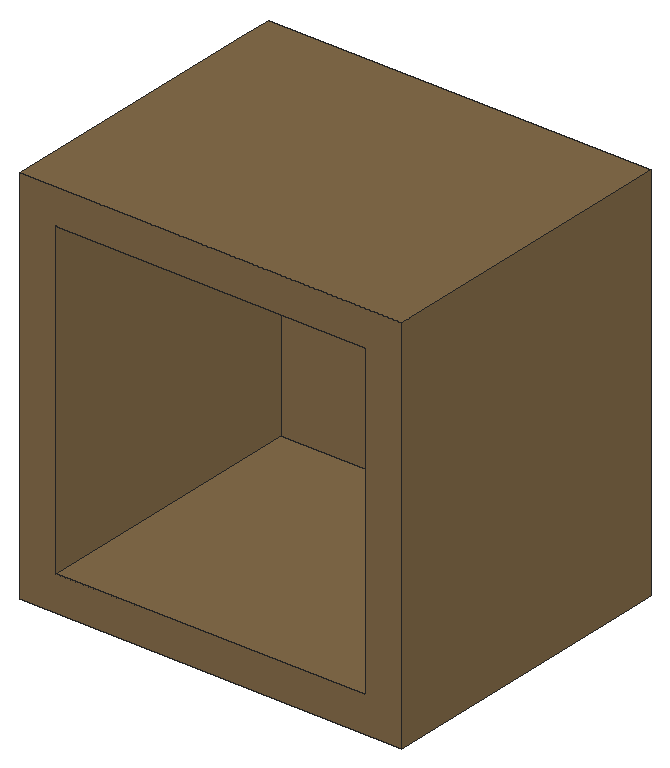
Revit family "箱子_1方格", category 家具, Revit 2019
Family settings
  OmniClass 编号 = 23.40.20.00
  OmniClass 标题 = General Furniture and Specialties
  基于工作平面 = 否
  总是垂直 = 是
  加载时剪切的空心 = 否
  共享 = 否
  房间计算点 = 否
Parameters (values of type "黑胡桃木")
  高度 = 190 mm
  长度 = 190 mm
  说明 = "承重3kg"
  材质 = 胡桃木_黑色_树脂涂装
  成本 = 270
  宽度 = 155 mm
  型号 = "37462083"
  制造商 = "MUJI"
Types (3, lengths in mm): name | 材质 | 成本 | 型号
  (no name) | 胡桃木_黑色_树脂涂装 | 270 | "37462083"
  白橡木 | 橡木_白色_树脂涂装 | 220 | "37462052"
  黑胡桃木 | 胡桃木_黑色_树脂涂装 | 270 | "37462083"
Reference planes
  plane 1 "中心(前/后)": y = 0
  plane 2: z = 0
  plane 3 "中心(左/右)": x = 0
  plane 4: x = 190
  plane 5: y = -155
  plane 6: z = 190
  plane 7: z = 172.5
  plane 8: z = 17.5
  plane 9: x = 18
  plane 10: x = 172
  plane 11: y = -15
Forms (mm)
  Extrusion 1, solid, material "胡桃木_黑色_树脂涂装" <- "材质"
    sketch origin (0, 0, 0) x (1, 0, 0) y (0, 0, 1)
      loop
        line (0, 190) -> (0, 0) -> (190, 0) -> (190, 190) -> (0, 190)
      loop
        line (18, 172.5) -> (18, 17.5) -> (172, 17.5) -> (172, 172.5) -> (18, 172.5)
    from 0 to 155
  Extrusion 2, solid, material "胡桃木_黑色_树脂涂装" <- "材质"
    sketch origin (0, 0, 0) x (1, 0, 0) y (0, 1, 0)
      loop
        line (0, 0) -> (0, -15) -> (190, -15) -> (190, 0) -> (0, 0)
    from 0 to 190
Cuts and joins
  joined: Extrusion 1, Extrusion 2
Dimensions and locks
  "长度": plane 4 to plane 3 "中心(左/右)"
  "宽度": plane 5 to plane 1 "中心(前/后)"
  "高度": plane 6 to plane 2
  locked: plane 6 to plane 7 at 17.5
  locked: plane 8 to plane 2 at 17.5
  locked: plane 9 to plane 3 "中心(左/右)" at 18
  locked: plane 4 to plane 10 at 18
  locked: plane 1 "中心(前/后)" to plane 11 at 15
  aligned and locked: level to plane 2
  aligned and locked: Extrusion 1 sketch curve to plane 6
  aligned and locked: plane 3 "中心(左/右)" to Extrusion 1 sketch curve
  aligned and locked: level to Extrusion 1 sketch curve
  aligned and locked: Extrusion 1 sketch curve to plane 4
  aligned and locked: Extrusion 1 sketch curve to plane 7
  aligned and locked: plane 9 to Extrusion 1 sketch curve
  aligned and locked: plane 8 to Extrusion 1 sketch curve
  aligned and locked: Extrusion 1 sketch curve to plane 10
  aligned and locked: Extrusion 1 to plane 5
  aligned and locked: plane 3 "中心(左/右)" to Extrusion 2 sketch curve
  aligned and locked: Extrusion 2 sketch curve to plane 4
  aligned and locked: plane 11 to Extrusion 2 sketch curve
  aligned and locked: plane 1 "中心(前/后)" to Extrusion 2 sketch curve
  aligned and locked: plane 6 to Extrusion 2
